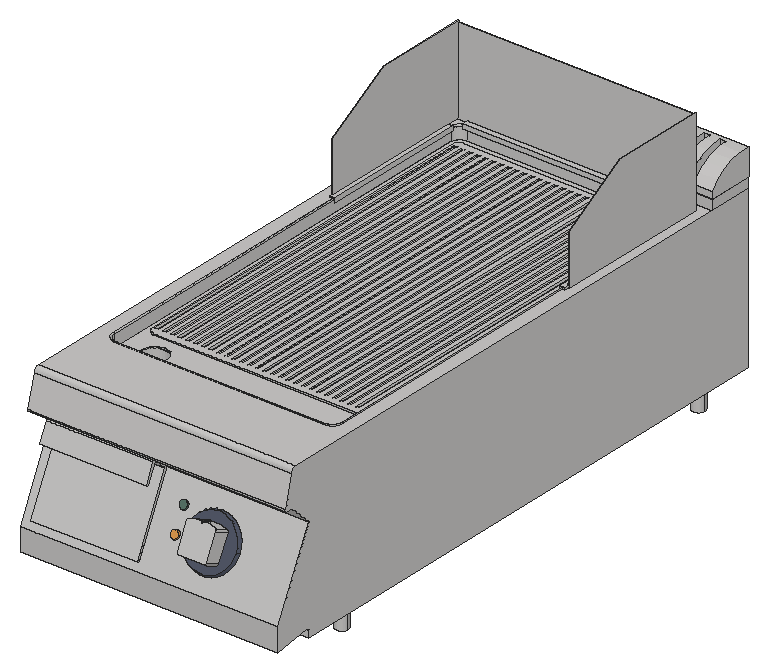
Revit family "QF_ZANUSSI_392357_Z9IINDAOMCA", category Specialty Equipment, Revit 2018
Family settings
  Round Connector Dimension = Use Diameter
  Part Type = Normal
  Work Plane-Based = No
  Always vertical = Yes
  Cut with Voids When Loaded = No
  Shared = No
  Room Calculation Point = No
Parameters
  Width = 400 mm  # constant formula
  Weight in Pounds = 55  # constant formula
  Weight = 0.00 kg
  Watts = 0 W
  Volts = 400 V  # constant formula
  URL Manufacturer = "http://www.zanussiprofessional.com"
  URL Cutsheet = "www.electrolux.com"
  URL = "http://www.zanussiprofessional.com"
  Type Mark [instance] = ""
  Steam Supply Size = 0"
  Steam Supply Minimum Pressure = 0.00 psi
  Steam Supply Maximum Pressure = 0.00 psi
  Steam Pounds per Hour = 0
  Status [instance] = ""
  Specification by User [instance] = ""
  Specification by Manufacturer = ""
  Show Logo [instance] = yes
  Show Clearance [instance] = yes
  Serial Number = ""
  Seismic Rating = ""
  SMACNA No = ""
  Revision Code [instance] = ""
  Refrigeration Suction Line Size = 0"
  Refrigeration Liquid Line Size = 0"
  Refrigerant Compressor Remote = yes
  Phase = 3
  Omniclass Number and Title = ""
  Number of Poles [instance] = 1
  NAFEM Spec ID Number = ""
  Model = "Z9FTEDSR00"
  Min Ckt Ampacity = 0 A
  Max Overcurrent Protection = 0 A
  Masterspec = ""
  Manufacturer = "Zanussi"
  Length Actual = 400 mm  # constant formula
  Item Number [instance] = "392068"
  Installed By [instance] = ""
  Identify Quantity as Lot [instance] = yes
  Hot Water Size = 0"
  Height Actual = 250 mm  # constant formula
  HP = "10.1 HP"
  Gas Size = 0"
  Gas KW = 0
  Gas Input Pressure = 0.0 Btu/h
  Furnished By [instance] = ""
  Foodservice Equipment Identifier [instance] = yes
  FL Amps = if(Phase = 3, Watts / (Volts * 1.73), Watts / Volts)  # 0 A
  Electrical Remarks [instance] = "400 V/3N ph/50/60 Hz"  # constant formula
  Electric Connection Type [instance] = ""
  Elec Conn RI Height [instance] = 0 mm
  Elec Conn Connection Height [instance] = 0 mm
  Direct Waste Size = 0"
  Description = "EL.FRYTOP RIBBED SLOPED PLATE 400 MM"
  Depth Actual = 900 mm  # constant formula
  Depth = 915 mm  # constant formula
  Cycle [instance] = if([60 Hertz Option], 60 Hz, 50 Hz)  # 60 Hz
  Conn Plug = ""
  Conn Conduit = yes
  Condensate Return Size = 0"
  Compressed Air Volume = 0 GPM
  Compressed Air Size = 0"
  Compressed Air Pressure = 0.00 psi
  Cold Water Size = 0"
  CSI MasterFormat = ""
  CSI Master Format = ""
  Apparent Power = if(Phase = 3, Volts * FL Amps * 1.73, Volts * FL Amps)  # 0 VA
  Accessory = yes
  60 Hertz Option [instance] = not([50 Hertz Option])  # yes
  50 Hertz Option [instance] = no
Reference planes
  plane 1 "BACK": y = 0
  plane 2: z = 0
  plane 3 "LEFT": x = 0
  plane 4 "RIGHT": x = 400
  plane 5 "FRONT": y = -915
  plane 6 "TOP": z = 274
  plane 7 "Center Y": x = 200
  plane 8 "Center X": y = -457.5
  plane 9: y = -1045
  plane 10: z = 24
  plane 11: z = 290
  plane 12: z = 410
  plane 13: x = 11
  plane 14: x = 389
Forms (mm)
  Extrusion 1, solid, material "QF_Finishes_Stainless Steel"
    sketch origin (0, 0, 0) x (0, 1, 0) y (0, 0, 1)
      loop
        line (0, 24) -> (0, 274) -> (-879.358, 274)
        arc (-879.358, 274) -> (-884.643, 271.811) -> (-886.833, 266.526) r 7.474
        line (-886.833, 266.526) -> (-899.884, 221.011)
        arc (-899.884, 221.011) -> (-899.396, 218.379) -> (-897, 217.184) r 3
        line (-897, 217.184) -> (-886.802, 217.184) -> (-854.982, 185.364) -> (-915, 64.508) -> (-915, 29.508) -> (-858.645, 37.428)
        arc (-858.645, 37.428) -> (-856.101, 36.674) -> (-855, 34.259) r 3.2
        line (-855, 34.259) -> (-855, 24) -> (0, 24)
    from 0 to 400
  Extrusion 2, solid, material "QF_Finishes_Stainless Steel"
    sketch origin (0, -1, 0) x (1, 0, 0) y (0, 1, 0)
      loop
        circle (11, -82) r 9.525
      loop
        circle (11, -775) r 9.525
      loop
        circle (389, -82) r 9.525
      loop
        circle (389, -775) r 9.525
    from 0 to 24
  Extrusion 3, solid, material "QF_Finishes_Stainless Steel"
    sketch origin (0, 0, 0.362) x (0, 1, 0) y (0, 0, 1)
      loop
        line (0, 289.638) -> (0, 331.354)
        arc (0, 331.354) -> (-38.768, 324.268) -> (-69.85, 300.038) r 82.671
        line (-69.85, 300.038) -> (-69.85, 289.638) -> (0, 289.638)
    from 0 to 400.05
  Extrusion 4, void
    sketch origin (0, 0, 275) x (0, -1, 0) y (1, 0, 0)
      loop
        line (6.761, 29.703) -> (63.911, 29.703) -> (63.911, 38.999) -> (6.761, 38.999) -> (6.761, 29.703)
      loop
        line (63.911, 64.487) -> (6.761, 64.487) -> (6.761, 55.191) -> (63.911, 55.191) -> (63.911, 64.487)
      loop
        line (63.911, 89.975) -> (6.761, 89.975) -> (6.761, 80.68) -> (63.911, 80.68) -> (63.911, 89.975)
      loop
        line (63.911, 115.464) -> (6.761, 115.464) -> (6.761, 106.168) -> (63.911, 106.168) -> (63.911, 115.464)
      loop
        line (63.911, 140.952) -> (6.761, 140.952) -> (6.761, 131.656) -> (63.911, 131.656) -> (63.911, 140.952)
      loop
        line (63.911, 166.44) -> (6.761, 166.44) -> (6.761, 157.145) -> (63.911, 157.145) -> (63.911, 166.44)
      loop
        line (63.911, 191.929) -> (6.761, 191.929) -> (6.761, 182.633) -> (63.911, 182.633) -> (63.911, 191.929)
      loop
        line (63.911, 217.417) -> (6.761, 217.417) -> (6.761, 208.121) -> (63.911, 208.121) -> (63.911, 217.417)
      loop
        line (63.911, 242.905) -> (6.761, 242.905) -> (6.761, 233.61) -> (63.911, 233.61) -> (63.911, 242.905)
      loop
        line (63.911, 268.394) -> (6.761, 268.394) -> (6.761, 259.098) -> (63.911, 259.098) -> (63.911, 268.394)
      loop
        line (63.911, 293.882) -> (6.761, 293.882) -> (6.761, 284.586) -> (63.911, 284.586) -> (63.911, 293.882)
      loop
        line (63.911, 319.37) -> (6.761, 319.37) -> (6.761, 310.075) -> (63.911, 310.075) -> (63.911, 319.37)
      loop
        line (63.911, 344.859) -> (6.761, 344.859) -> (6.761, 335.563) -> (63.911, 335.563) -> (63.911, 344.859)
      loop
        line (63.911, 370.347) -> (6.761, 370.347) -> (6.761, 361.051) -> (63.911, 361.051) -> (63.911, 370.347)
    from 25.4 to 63.5
  Extrusion 5, solid, material "QF_Finishes_Stainless Steel"
    sketch origin (0, 0, 274) x (0, -1, 0) y (1, 0, 0)
      loop
        line (69.85, 0) -> (69.85, 400) -> (0, 400) -> (0, 0) -> (69.85, 0)
    from 0 to 15
  Extrusion 6, solid, material "QF_Finishes_Stainless Steel"
    sketch origin (635, 190.152, 274) x (0, -1, 0) y (1, 0, 0)
      loop
        line (273.542, -252.03) -> (273.542, -617.97) -> (275.13, -617.97) -> (275.13, -252.03) -> (273.542, -252.03)
    from 0 to 135
  Extrusion 7, void
    sketch origin (0, 0, 274) x (0, -1, 0) y (1, 0, 0)
      loop
        arc (92.539, 37.03) -> (96.932, 26.423) -> (107.539, 22.03) r 15
        line (107.539, 22.03) -> (762.539, 22.03)
        arc (762.539, 22.03) -> (773.145, 26.423) -> (777.539, 37.03) r 15
        line (777.539, 37.03) -> (777.539, 362.97)
        arc (777.539, 362.97) -> (773.145, 373.577) -> (762.539, 377.97) r 15
        line (762.539, 377.97) -> (107.539, 377.97)
        arc (107.539, 377.97) -> (96.932, 373.577) -> (92.539, 362.97) r 15
        line (92.539, 362.97) -> (92.539, 37.03)
    from 0 to -21.588
  Sweep 8, solid, material "QF_Finishes_Stainless Steel"
    path origin (0, 0, 0) x (1, 0, 0) y (0, 1, 0)
      loop
        line (22.03, -107.539) -> (22.03, -762.539)
        arc (22.03, -762.539) -> (26.423, -773.145) -> (37.03, -777.539) r 15
        line (37.03, -777.539) -> (362.97, -777.539)
        arc (362.97, -777.539) -> (373.577, -773.145) -> (377.97, -762.539) r 15
        line (377.97, -762.539) -> (377.97, -107.539)
        arc (377.97, -107.539) -> (373.577, -96.932) -> (362.97, -92.539) r 15
        line (362.97, -92.539) -> (37.03, -92.539)
        arc (37.03, -92.539) -> (26.423, -96.932) -> (22.03, -107.539) r 15
    profile origin (22.03, -435.039, 0) x (1, 0, 0) y (0, 0, 1)
      loop
        line (0, 255) -> (1.588, 255) -> (1.588, 272.855)
        arc (1.588, 272.855) -> (1.147, 274.189) -> (0, 275) r 2.242
        line (0, 275) -> (0, 255)
  Extrusion 9, solid, material "QF_Finishes_Stainless Steel"
    sketch origin (0, 0, 0) x (1, 0, 0) y (0, 0, 1)
      loop
        line (17.03, 274.856) -> (23.926, 274.856) -> (23.926, 269.856) -> (25.514, 269.856) -> (25.514, 276.444) -> (17.03, 276.444) -> (17.03, 274.856)
      loop
        line (382.97, 274.856) -> (382.97, 276.444) -> (374.486, 276.444) -> (374.486, 269.856) -> (376.074, 269.856) -> (376.074, 274.856) -> (382.97, 274.856)
    from 105.541 to 335.39
  Extrusion 10, solid, material "QF_Finishes_Stainless Steel"
    sketch origin (0, 0, 0) x (0, 1, 0) y (0, 0, 1)
      loop
        line (-94.126, 269.856) -> (-94.126, 274.856) -> (-84.978, 274.856) -> (-84.978, 276.444) -> (-95.714, 276.444) -> (-95.714, 269.856) -> (-94.126, 269.856)
    from 32.03 to 367.97
  Extrusion 11, solid, material "QF_Finishes_Stainless Steel"
    sketch origin (0, 0, 24) x (-1, 0, 0) y (0, 1, 0)
      loop
        circle (-340, -570) r 6.35
    from 0 to 5
  Extrusion 12, solid, material "QF_Clearances", visible <- "Show Clearance", detail levels coarse
    sketch origin (0, 0, 0) x (1, 0, 0) y (0, 1, 0)
      loop
        line (0, 0) -> (400, 0) -> (400, -915) -> (500, -915) -> (500, 100) -> (-100, 100) -> (-100, -915) -> (0, -915) -> (0, 0)
    from 0 to 410
  Extrusion 13, solid, material "QF_Finishes_Stainless Steel"
    sketch origin (0, 0, 0) x (0, 1, 0) y (0, 0, 1)
      loop
        line (-777.539, 254) -> (-777.539, 252.413) -> (-92.539, 252.413) -> (-92.539, 254) -> (-777.539, 254)
    from 22 to 377.97
  Extrusion 14, void
    sketch origin (0, 0, 0) x (1, 0, 0) y (0, 1, 0)
      loop
        circle (71.879, -743.736) r 20
    from 235.859 to 256.719
  Extrusion 15, solid, material "QF_Finishes_Stainless Steel"
    sketch origin (0, 0, 0) x (0, 1, 0) y (0, 0, 1)
      loop
        line (-83.39, 410) -> (-227.89, 410) -> (-327.89, 352.265) -> (-327.89, 274) -> (-83.39, 274) -> (-83.39, 410)
    from 15.442 to 17.03
  Extrusion 16, solid, material "QF_Finishes_Stainless Steel"
    sketch origin (400, 0, 0) x (0, 1, 0) y (0, 0, -1)
      loop
        line (-83.39, -410) -> (-83.39, -274) -> (-327.89, -274) -> (-327.89, -352.265) -> (-227.89, -410) -> (-83.39, -410)
    from 15.442 to 17.03
  Extrusion 17, solid, material "QF_Finishes_Stainless Steel"
    sketch origin (0, -214.132, -0.464) x (0, 1, 0) y (0, 0, 1)
      loop
        line (-640.85, 185.828) -> (-659.988, 204.966)
        arc (-659.988, 204.966) -> (-664.455, 206.368) -> (-668.159, 203.504) r 5.058
        line (-668.159, 203.504) -> (-680.821, 175.994) -> (-677.937, 174.666) -> (-665.275, 202.176)
        arc (-665.275, 202.176) -> (-663.896, 203.243) -> (-662.233, 202.721) r 1.883
        line (-662.233, 202.721) -> (-644.727, 185.215) -> (-698.248, 77.444) -> (-695.339, 76.105) -> (-640.85, 185.828)
    from 15 to 180
  Extrusion 18, solid, material "QF_Finishes_Drawer Clearance", visible <- "Show Clearance", detail levels coarse
    sketch origin (0, -315.732, -0.464) x (0, 1, 0) y (0, 0, 1)
      loop
        line (-726.181, 76.105) -> (-593.739, 76.105) -> (-539.25, 185.828) -> (-558.388, 204.966)
        arc (-558.388, 204.966) -> (-560.449, 206.215) -> (-562.855, 206.368) r 5.058
        line (-562.855, 206.368) -> (-695.296, 206.368)
        arc (-695.296, 206.368) -> (-697.5, 205.39) -> (-699, 203.504) r 5.058
        line (-699, 203.504) -> (-711.662, 175.994) -> (-708.778, 174.666) -> (-696.116, 202.176)
        arc (-696.116, 202.176) -> (-694.737, 203.243) -> (-693.074, 202.721) r 1.883
        line (-693.074, 202.721) -> (-675.569, 185.215) -> (-729.089, 77.444) -> (-726.181, 76.105)
    from 15 to 180
  Blend 19, solid, material "QF_Finishes_Navy Blue"
    base sketch origin (275, -884.991, 124.936) x (1, 0, 0) y (0, 0.444781, 0.895639)
      loop
        circle (0, 0) r 42.5
    top sketch origin (275, -884.991, 124.936) x (1, 0, 0) y (0, 0.444781, 0.895639)
      loop
        circle (0, 0) r 40.5
    from 0 to 5
  Extrusion 20, solid, material "QF_Finishes_Stainless Steel"
    sketch origin (275, -884.991, 124.936) x (1, 0, 0) y (0, 0.444781, 0.895639)
      loop
        arc (-21.147, 22.789) -> (-22.494, 21.685) -> (-23, 20.019) r 2.997
        line (-23, 20.019) -> (-23, -20.019)
        arc (-23, -20.019) -> (-22.122, -22.138) -> (-20.003, -23.016) r 2.997
        line (-20.003, -23.016) -> (20.003, -23.016)
        arc (20.003, -23.016) -> (22.122, -22.138) -> (23, -20.019) r 2.997
        line (23, -20.019) -> (23, 20.019)
        arc (23, 20.019) -> (22.494, 21.685) -> (21.147, 22.789) r 2.997
        arc (21.147, 22.789) -> (0, 26.984) -> (-21.147, 22.789) r 55.4
    from 10 to 34
  Extrusion 21, solid, material "QF_Finishes_Stainless Steel"
    sketch origin (275, -884.991, 124.936) x (1, 0, 0) y (0, 0.444781, 0.895639)
      loop
        line (17.5, 17.5) -> (-17.5, 17.5) -> (-17.5, -17.5) -> (17.5, -17.5) -> (17.5, 17.5)
    from 5 to 10
  Extrusion 22, solid, material "QF_Plastic-Black-Matte"
    sketch origin (217.5, -884.991, 124.936) x (0, 0.444781, 0.895639) y (0, 0.895639, -0.444781)
      loop
        line (26.984, -34) -> (23.984, -34) -> (23.984, -35) -> (26.984, -35)
        arc (26.984, -35) -> (27.691, -34.707) -> (27.984, -34) r 1
        line (27.984, -34) -> (27.984, -19) -> (26.984, -19) -> (26.984, -34)
    from -58.5 to -56.5
  Extrusion 23, solid, material "QF_Finishes_DarkGreen"
    sketch origin (275, -871.138, 152.831) x (1, 0, 0) y (0, 0.444781, 0.895639)
      loop
        circle (-55.001, 0) r 6
    from 0 to 1.6
  Extrusion 24, solid, material "QF_Finishes_Orange"
    sketch origin (275, -888.072, 118.733) x (1, 0, 0) y (0, 0.444781, 0.895639)
      loop
        circle (-55.001, 0) r 6
    from 0 to 1.6
  Extrusion 25, void
    sketch origin (-24.256, -686.426, 37.09) x (0, 0, 1) y (-1, 0, 0)
      loop
        line (219.91, -83) -> (217.91, -83.4) -> (217.91, -88.6) -> (219.91, -89) -> (219.91, -83)
      loop
        line (219.91, -95) -> (217.91, -95.4) -> (217.91, -100.6) -> (219.91, -101) -> (219.91, -95)
      loop
        line (219.91, -107) -> (217.91, -107.4) -> (217.91, -112.6) -> (219.91, -113) -> (219.91, -107)
      loop
        line (219.91, -119) -> (217.91, -119.4) -> (217.91, -124.6) -> (219.91, -125) -> (219.91, -119)
      loop
        line (219.91, -131) -> (217.91, -131.4) -> (217.91, -136.6) -> (219.91, -137) -> (219.91, -131)
      loop
        line (219.91, -143) -> (217.91, -143.4) -> (217.91, -148.6) -> (219.91, -149) -> (219.91, -143)
      loop
        line (219.91, -155) -> (217.91, -155.4) -> (217.91, -160.6) -> (219.91, -161) -> (219.91, -155)
      loop
        line (219.91, -167) -> (217.91, -167.4) -> (217.91, -172.6) -> (219.91, -173) -> (219.91, -167)
      loop
        line (219.91, -179) -> (217.91, -179.4) -> (217.91, -184.6) -> (219.91, -185) -> (219.91, -179)
      loop
        line (219.91, -191) -> (217.91, -191.4) -> (217.91, -196.6) -> (219.91, -197) -> (219.91, -191)
      loop
        line (219.91, -203) -> (217.91, -203.4) -> (217.91, -208.6) -> (219.91, -209) -> (219.91, -203)
      loop
        line (219.91, -317) -> (219.91, -311) -> (217.91, -311.4) -> (217.91, -316.6) -> (219.91, -317)
      loop
        line (219.91, -305) -> (219.91, -299) -> (217.91, -299.4) -> (217.91, -304.6) -> (219.91, -305)
      loop
        line (219.91, -293) -> (219.91, -287) -> (217.91, -287.4) -> (217.91, -292.6) -> (219.91, -293)
      loop
        line (219.91, -281) -> (219.91, -275) -> (217.91, -275.4) -> (217.91, -280.6) -> (219.91, -281)
      loop
        line (219.91, -269) -> (219.91, -263) -> (217.91, -263.4) -> (217.91, -268.6) -> (219.91, -269)
      loop
        line (219.91, -257) -> (219.91, -251) -> (217.91, -251.4) -> (217.91, -256.6) -> (219.91, -257)
      loop
        line (219.91, -245) -> (219.91, -239) -> (217.91, -239.4) -> (217.91, -244.6) -> (219.91, -245)
      loop
        line (219.91, -233) -> (219.91, -227) -> (217.91, -227.4) -> (217.91, -232.6) -> (219.91, -233)
      loop
        line (219.91, -221) -> (219.91, -215) -> (217.91, -215.4) -> (217.91, -220.6) -> (219.91, -221)
      loop
        line (219.91, -377) -> (219.91, -371) -> (217.91, -371.4) -> (217.91, -376.6) -> (219.91, -377)
      loop
        line (219.91, -341) -> (219.91, -335) -> (217.91, -335.4) -> (217.91, -340.6) -> (219.91, -341)
      loop
        line (219.91, -329) -> (219.91, -323) -> (217.91, -323.4) -> (217.91, -328.6) -> (219.91, -329)
      loop
        line (219.91, -389) -> (219.91, -383) -> (217.91, -383.4) -> (217.91, -388.6) -> (219.91, -389)
      loop
        line (219.91, -59) -> (217.91, -59.4) -> (217.91, -64.6) -> (219.91, -65) -> (219.91, -59)
      loop
        line (219.91, -71) -> (217.91, -71.4) -> (217.91, -76.6) -> (219.91, -77) -> (219.91, -71)
      loop
        line (219.91, -353) -> (219.91, -347) -> (217.91, -347.4) -> (217.91, -352.6) -> (219.91, -353)
      loop
        line (219.91, -365) -> (219.91, -359) -> (217.91, -359.4) -> (217.91, -364.6) -> (219.91, -365)
    from 10 to -570
  Extrusion 26, solid, material "QF_Finishes_Stainless Steel"
    sketch origin (23.617, -107.539, 255) x (-1, 0, 0) y (0, 1, 0)
      loop
        arc (-18.413, -600) -> (-11.341, -597.071) -> (-8.413, -590) r 10
        line (-8.413, -590) -> (-8.413, -7.867)
        arc (-8.413, -7.867) -> (-11.341, -0.796) -> (-18.412, 2.133) r 10
        line (-18.412, 2.133) -> (-334.353, 2.133)
        arc (-334.353, 2.133) -> (-341.425, -0.796) -> (-344.353, -7.867) r 10
        line (-344.353, -7.867) -> (-344.353, -590)
        arc (-344.353, -590) -> (-341.425, -597.071) -> (-334.353, -600) r 10
        line (-334.353, -600) -> (-18.413, -600)
    from 0 to -2
Cuts and joins
  Extrusion 4 cuts Extrusion 3
  Extrusion 7, Extrusion 14 cuts Extrusion 1
  Extrusion 14 cuts Extrusion 13
  Extrusion 25 cuts Extrusion 26
Lines and regions (mm)
  Split face 1
    outline origin (275, -889.469, 127.16) x (1, 0, 0) y (0, 0.444781, 0.895639)
      loop
        circle (-34, 0) r 1.5
  Split face 2
    outline origin (275, -889.469, 127.16) x (1, 0, 0) y (0, 0.444781, 0.895639)
      loop
        circle (-30.633, -14.752) r 1.5
  Split face 3
    outline origin (275, -889.469, 127.16) x (1, 0, 0) y (0, 0.444781, 0.895639)
      loop
        circle (-21.199, -26.582) r 1.5
  Split face 4
    outline origin (275, -889.469, 127.16) x (1, 0, 0) y (0, 0.444781, 0.895639)
      loop
        circle (-7.566, -33.148) r 1.5
  Split face 5
    outline origin (275, -889.469, 127.16) x (1, 0, 0) y (0, 0.444781, 0.895639)
      loop
        circle (7.566, -33.148) r 1.5
  Split face 6
    outline origin (275, -889.469, 127.16) x (1, 0, 0) y (0, 0.444781, 0.895639)
      loop
        circle (21.199, -26.582) r 1.5
  Split face 7
    outline origin (275, -889.469, 127.16) x (1, 0, 0) y (0, 0.444781, 0.895639)
      loop
        circle (30.633, -14.752) r 1.5
  Split face 8
    outline origin (275, -889.469, 127.16) x (1, 0, 0) y (0, 0.444781, 0.895639)
      loop
        circle (34, 0) r 1.5
  Split face 9
    outline origin (296.665, -886.175, 133.794) x (1, 0, 0) y (0, 0.444781, 0.895639)
      loop
        circle (-21.665, 26.582) r 1.5
  symbolic lines, style "QF_Clearances", visible <- "Show Clearance", detail levels coarse
    curve 1: line (500, -915, 0) -> (500, 100, 0)
    curve 2: line (500, 100, 0) -> (-100, 100, 0)
    curve 3: line (-100, 100, 0) -> (-100, -915, 0)
  symbolic lines, style "QF_Door-Drawer Clearances"
    curve 4: line (15, -915, 0) -> (15, -1045, 0)
    curve 5: line (15, -1045, 0) -> (180, -1045, 0)
    curve 6: line (180, -915, 0) -> (180, -1045, 0)
  symbolic lines
    curve 7: line (400, -915, 0) -> (400, 0, 0)
    curve 8: line (400, 0, 0) -> (0, 0, 0)
    curve 9: line (0, 0, 0) -> (0, -915, 0)
    curve 10: line (362.97, -777.539, 0) -> (37.03, -777.539, 0)
    curve 11: arc (37.03, -777.539, 0) -> (26.423, -773.145, 0) -> (22.03, -762.539, 0) r 15
    curve 12: line (22.03, -762.539, 0) -> (22.03, -327.89, 0)
    curve 13: arc (22.163, -105.541, 0) -> (25.387, -98.081, 0) -> (32.03, -93.397, 0) r 15
    curve 14: arc (367.97, -93.397, 0) -> (374.613, -98.081, 0) -> (377.837, -105.541, 0) r 15
    curve 15: line (377.97, -327.89, 0) -> (377.97, -762.539, 0)
    curve 16: arc (377.97, -762.539, 0) -> (373.577, -773.145, 0) -> (362.97, -777.539, 0) r 15
    curve 17: line (357.97, -707.539, 0) -> (42.03, -707.539, 0)
    curve 18: arc (42.03, -707.539, 0) -> (34.958, -704.61, 0) -> (32.03, -697.539, 0) r 10
    curve 19: line (32.03, -697.539, 0) -> (32.03, -115.406, 0)
    curve 20: arc (32.03, -115.406, 0) -> (34.958, -108.335, 0) -> (42.03, -105.406, 0) r 10
    curve 21: line (42.03, -105.406, 0) -> (357.97, -105.406, 0)
    curve 22: arc (357.97, -105.406, 0) -> (365.042, -108.335, 0) -> (367.97, -115.406, 0) r 10
    curve 23: line (367.97, -115.406, 0) -> (367.97, -697.539, 0)
    curve 24: arc (367.97, -697.539, 0) -> (365.042, -704.61, 0) -> (357.97, -707.539, 0) r 10
    curve 25: line (15.442, -83.39, 0) -> (15.442, -327.89, 0)
    curve 26: line (384.558, -83.39, 0) -> (15.442, -83.39, 0)
    curve 27: line (384.558, -327.89, 0) -> (384.558, -83.39, 0)
    curve 28: line (367.97, -95.714, 0) -> (367.97, -83.39, 0)
    curve 29: line (32.03, -95.714, 0) -> (367.97, -95.714, 0)
    curve 30: line (32.03, -83.39, 0) -> (32.03, -95.714, 0)
    curve 31: line (384.558, -105.541, 0) -> (374.486, -105.541, 0)
    curve 32: line (25.514, -327.89, 0) -> (25.514, -105.541, 0)
    curve 33: line (15.442, -327.89, 0) -> (25.514, -327.89, 0)
    curve 34: line (374.486, -105.541, 0) -> (374.486, -327.89, 0)
    curve 35: line (374.486, -327.89, 0) -> (384.558, -327.89, 0)
    curve 36: line (25.514, -105.541, 0) -> (15.442, -105.541, 0)
    curve 37: line (38.999, -6.761, 0) -> (38.999, -63.911, 0)
    curve 38: line (38.999, -63.911, 0) -> (29.703, -63.911, 0)
    curve 39: line (29.703, -63.911, 0) -> (29.703, -6.761, 0)
    curve 40: line (29.703, -6.761, 0) -> (38.999, -6.761, 0)
    curve 41: line (55.191, -63.911, 0) -> (55.191, -6.761, 0)
    curve 42: line (55.191, -6.761, 0) -> (64.487, -6.761, 0)
    curve 43: line (64.487, -6.761, 0) -> (64.487, -63.911, 0)
    curve 44: line (64.487, -63.911, 0) -> (55.191, -63.911, 0)
    curve 45: line (89.975, -6.761, 0) -> (89.975, -63.911, 0)
    curve 46: line (89.975, -63.911, 0) -> (80.68, -63.911, 0)
    curve 47: line (80.68, -63.911, 0) -> (80.68, -6.761, 0)
    curve 48: line (80.68, -6.761, 0) -> (89.975, -6.761, 0)
    curve 49: line (115.464, -6.761, 0) -> (115.464, -63.911, 0)
    curve 50: line (115.464, -63.911, 0) -> (106.168, -63.911, 0)
    curve 51: line (106.168, -63.911, 0) -> (106.168, -6.761, 0)
    curve 52: line (106.168, -6.761, 0) -> (115.464, -6.761, 0)
    curve 53: line (140.952, -6.761, 0) -> (140.952, -63.911, 0)
    curve 54: line (140.952, -63.911, 0) -> (131.656, -63.911, 0)
    curve 55: line (131.656, -63.911, 0) -> (131.656, -6.761, 0)
    curve 56: line (131.656, -6.761, 0) -> (140.952, -6.761, 0)
    curve 57: line (166.44, -6.761, 0) -> (166.44, -63.911, 0)
    curve 58: line (166.44, -63.911, 0) -> (157.145, -63.911, 0)
    curve 59: line (157.145, -63.911, 0) -> (157.145, -6.761, 0)
    curve 60: line (157.145, -6.761, 0) -> (166.44, -6.761, 0)
    curve 61: line (191.929, -6.761, 0) -> (191.929, -63.911, 0)
    curve 62: line (191.929, -63.911, 0) -> (182.633, -63.911, 0)
    curve 63: line (182.633, -63.911, 0) -> (182.633, -6.761, 0)
    curve 64: line (182.633, -6.761, 0) -> (191.929, -6.761, 0)
    curve 65: line (208.121, -63.911, 0) -> (208.121, -6.761, 0)
    curve 66: line (208.121, -6.761, 0) -> (217.417, -6.761, 0)
    curve 67: line (217.417, -6.761, 0) -> (217.417, -63.911, 0)
    curve 68: line (217.417, -63.911, 0) -> (208.121, -63.911, 0)
    curve 69: line (367.97, -83.39, 0) -> (367.97, -95.714, 0)
    curve 70: line (361.001, -6.761, 0) -> (361.001, -63.911, 0)
    curve 71: line (361.001, -63.911, 0) -> (370.297, -63.911, 0)
    curve 72: line (370.297, -63.911, 0) -> (370.297, -6.761, 0)
    curve 73: line (370.297, -6.761, 0) -> (361.001, -6.761, 0)
    curve 74: line (344.809, -63.911, 0) -> (344.809, -6.761, 0)
    curve 75: line (344.809, -6.761, 0) -> (335.513, -6.761, 0)
    curve 76: line (335.513, -6.761, 0) -> (335.513, -63.911, 0)
    curve 77: line (335.513, -63.911, 0) -> (344.809, -63.911, 0)
    curve 78: line (310.025, -6.761, 0) -> (310.025, -63.911, 0)
    curve 79: line (310.025, -63.911, 0) -> (319.32, -63.911, 0)
    curve 80: line (319.32, -63.911, 0) -> (319.32, -6.761, 0)
    curve 81: line (319.32, -6.761, 0) -> (310.025, -6.761, 0)
    curve 82: line (284.536, -6.761, 0) -> (284.536, -63.911, 0)
    curve 83: line (284.536, -63.911, 0) -> (293.832, -63.911, 0)
    curve 84: line (293.832, -63.911, 0) -> (293.832, -6.761, 0)
    curve 85: line (293.832, -6.761, 0) -> (284.536, -6.761, 0)
    curve 86: line (259.048, -6.761, 0) -> (259.048, -63.911, 0)
    curve 87: line (259.048, -63.911, 0) -> (268.344, -63.911, 0)
    curve 88: line (268.344, -63.911, 0) -> (268.344, -6.761, 0)
    curve 89: line (268.344, -6.761, 0) -> (259.048, -6.761, 0)
    curve 90: line (233.56, -6.761, 0) -> (233.56, -63.911, 0)
    curve 91: line (233.56, -63.911, 0) -> (242.855, -63.911, 0)
    curve 92: line (242.855, -63.911, 0) -> (242.855, -6.761, 0)
    curve 93: line (242.855, -6.761, 0) -> (233.56, -6.761, 0)
    curve 94: arc (51.879, -743.736, 0) -> (71.879, -723.736, 0) -> (91.879, -743.736, 0) r 20
    curve 95: arc (51.879, -743.736, 0) -> (71.879, -763.736, 0) -> (91.879, -743.736, 0) r 20
    curve 96: line (0, -69.85, 0) -> (400, -69.85, 0)
    curve 97: line (252, -900, 0) -> (252, -924.347, 0)
    curve 98: arc (252, -924.347, 0) -> (252.146, -924.811, 0) -> (252.532, -925.107, 0) r 0.809
    curve 99: arc (252.532, -925.107, 0) -> (253.72, -925.587, 0) -> (254.997, -925.68, 0) r 4.127
    curve 100: arc (252, -904.292, 0) -> (246.959, -902.458, 0) -> (242.191, -900, 0) r 42.24
    curve 101: arc (252, -906.539, 0) -> (252.502, -905.818, 0) -> (253.299, -905.448, 0) r 1.682
    curve 102: arc (253.299, -905.448, 0) -> (263.602, -903.95, 0) -> (274, -903.441, 0) r 109.079
    curve 103: line (274, -900, 0) -> (274, -905.671, 0)
    curve 104: line (274, -905.671, 0) -> (276, -905.671, 0)
    curve 105: line (276, -905.671, 0) -> (276, -900, 0)
    curve 106: line (298, -900, 0) -> (298, -924.347, 0)
    curve 107: arc (298, -924.347, 0) -> (297.854, -924.811, 0) -> (297.468, -925.107, 0) r 0.809
    curve 108: arc (297.468, -925.107, 0) -> (296.28, -925.587, 0) -> (295.003, -925.68, 0) r 4.127
    curve 109: arc (298, -904.292, 0) -> (303.041, -902.458, 0) -> (307.809, -900, 0) r 42.24
    curve 110: arc (298, -906.539, 0) -> (297.498, -905.818, 0) -> (296.701, -905.448, 0) r 1.682
    curve 111: arc (296.701, -905.448, 0) -> (286.398, -903.95, 0) -> (276, -903.441, 0) r 109.079
    curve 112: line (254.997, -925.68, 0) -> (295.003, -925.68, 0)
    curve 113: line (298, -915, 276.225) -> (400.05, -915, 276.225)
    curve 114: line (0, -900, 276.225) -> (400.05, -900, 276.225)
    curve 115: line (0, -915, 276.225) -> (252, -915, 276.225)
    curve 116: line (15, -915, 276.225) -> (15, -900, 276.225)
    curve 117: line (180, -915, 276.225) -> (180, -900, 276.225)
    curve 118: line (34.744, -116.426, 0) -> (34.744, -696.426, 0)
    curve 119: line (40.744, -696.426, 0) -> (40.744, -116.426, 0)
    curve 120: line (46.744, -116.426, 0) -> (46.744, -696.426, 0)
    curve 121: line (52.744, -696.426, 0) -> (52.744, -116.426, 0)
    curve 122: line (58.744, -116.426, 0) -> (58.744, -696.426, 0)
    curve 123: line (64.744, -696.426, 0) -> (64.744, -116.426, 0)
    curve 124: line (70.744, -116.426, 0) -> (70.744, -696.426, 0)
    curve 125: line (76.744, -696.426, 0) -> (76.744, -116.426, 0)
    curve 126: line (82.744, -116.426, 0) -> (82.744, -696.426, 0)
    curve 127: line (88.744, -696.426, 0) -> (88.744, -116.426, 0)
    curve 128: line (94.744, -116.426, 0) -> (94.744, -696.426, 0)
    curve 129: line (100.744, -696.426, 0) -> (100.744, -116.426, 0)
    curve 130: line (106.744, -116.426, 0) -> (106.744, -696.426, 0)
    curve 131: line (112.744, -696.426, 0) -> (112.744, -116.426, 0)
    curve 132: line (118.744, -116.426, 0) -> (118.744, -696.426, 0)
    curve 133: line (124.744, -696.426, 0) -> (124.744, -116.426, 0)
    curve 134: line (130.744, -116.426, 0) -> (130.744, -696.426, 0)
    curve 135: line (136.744, -696.426, 0) -> (136.744, -116.426, 0)
    curve 136: line (142.744, -116.426, 0) -> (142.744, -696.426, 0)
    curve 137: line (148.744, -696.426, 0) -> (148.744, -116.426, 0)
    curve 138: line (154.744, -116.426, 0) -> (154.744, -696.426, 0)
    curve 139: line (160.744, -696.426, 0) -> (160.744, -116.426, 0)
    curve 140: line (166.744, -116.426, 0) -> (166.744, -696.426, 0)
    curve 141: line (172.744, -696.426, 0) -> (172.744, -116.426, 0)
    curve 142: line (178.744, -116.426, 0) -> (178.744, -696.426, 0)
    curve 143: line (184.744, -696.426, 0) -> (184.744, -116.426, 0)
    curve 144: line (190.744, -116.426, 0) -> (190.744, -696.426, 0)
    curve 145: line (196.744, -696.426, 0) -> (196.744, -116.426, 0)
    curve 146: line (202.744, -116.426, 0) -> (202.744, -696.426, 0)
    curve 147: line (208.744, -696.426, 0) -> (208.744, -116.426, 0)
    curve 148: line (214.744, -116.426, 0) -> (214.744, -696.426, 0)
    curve 149: line (220.744, -696.426, 0) -> (220.744, -116.426, 0)
    curve 150: line (226.744, -116.426, 0) -> (226.744, -696.426, 0)
    curve 151: line (232.744, -696.426, 0) -> (232.744, -116.426, 0)
    curve 152: line (238.744, -116.426, 0) -> (238.744, -696.426, 0)
    curve 153: line (244.744, -696.426, 0) -> (244.744, -116.426, 0)
    curve 154: line (250.744, -116.426, 0) -> (250.744, -696.426, 0)
    curve 155: line (256.744, -696.426, 0) -> (256.744, -116.426, 0)
    curve 156: line (262.744, -116.426, 0) -> (262.744, -696.426, 0)
    curve 157: line (268.744, -696.426, 0) -> (268.744, -116.426, 0)
    curve 158: line (274.744, -116.426, 0) -> (274.744, -696.426, 0)
    curve 159: line (280.744, -696.426, 0) -> (280.744, -116.426, 0)
    curve 160: line (286.744, -116.426, 0) -> (286.744, -696.426, 0)
    curve 161: line (292.744, -696.426, 0) -> (292.744, -116.426, 0)
    curve 162: line (298.744, -116.426, 0) -> (298.744, -696.426, 0)
    curve 163: line (304.744, -696.426, 0) -> (304.744, -116.426, 0)
    curve 164: line (310.744, -116.426, 0) -> (310.744, -696.426, 0)
    curve 165: line (316.744, -696.426, 0) -> (316.744, -116.426, 0)
    curve 166: line (322.744, -116.426, 0) -> (322.744, -696.426, 0)
    curve 167: line (328.744, -696.426, 0) -> (328.744, -116.426, 0)
    curve 168: line (334.744, -116.426, 0) -> (334.744, -696.426, 0)
    curve 169: line (340.744, -696.426, 0) -> (340.744, -116.426, 0)
    curve 170: line (346.744, -116.426, 0) -> (346.744, -696.426, 0)
    curve 171: line (352.744, -696.426, 0) -> (352.744, -116.426, 0)
    curve 172: line (358.744, -116.426, 0) -> (358.744, -696.426, 0)
    curve 173: line (364.744, -696.426, 0) -> (364.744, -116.426, 0)
Dimensions and locks
  equal spacing: plane 3 "LEFT", plane 7 "Center Y", plane 4 "RIGHT"
  "Width": plane 3 "LEFT" to plane 4 "RIGHT"
  equal spacing: plane 5 "FRONT", plane 8 "Center X", plane 1 "BACK"
  "Depth": plane 5 "FRONT" to plane 1 "BACK"
  plane 6 "TOP" to level = 274 mm
  plane 1 "BACK" to plane 9 = 1045 mm  (x2)
  plane 10 to level = 24 mm  (x2)
  plane 11 to plane 10 = 266 mm
  plane 6 "TOP" to plane 10 = 250 mm  (x2)
  plane 12 to level = 410 mm  (x2)
  plane 12 to plane 10 = 386 mm
  plane 13 to plane 3 "LEFT" = 11 mm
  locked: plane 14 to plane 4 "RIGHT" at 11
  plane 1 "BACK" to plane 5 "FRONT" = 915 mm
  Extrusion 11 to plane 10 = 5 mm
  plane 1 "BACK" to Extrusion 11 = 570 mm
  plane 1 "BACK" to Extrusion 2 to Extrusion 2 to plane 5 "FRONT" = 83 mm, 693 mm, 139 mm
  plane 13 to plane 14 = 378 mm
  plane 1 "BACK" to curve 2 = 100 mm
  plane 4 "RIGHT" to curve 1 = 100 mm
  curve 3 to plane 3 "LEFT" = 100 mm
  Extrusion 11 sketch curve to plane 4 "RIGHT" = 60 mm
  aligned and locked: level to plane 2
  aligned and locked: Extrusion 1 to plane 4 "RIGHT"
Automatic sketch dimensions
  Extrusion 1 sketch curve to plane 5 "FRONT" = 0 mm
  Extrusion 1 sketch curve to plane 6 "TOP" = 0 mm
  Extrusion 1 sketch curve to plane 10 = 0 mm
  Extrusion 1 sketch curve to plane 1 "BACK" = 0 mm
  Extrusion 1 sketch curve to plane 5 "FRONT" = 15.116 mm
  Extrusion 1 sketch curve to Extrusion 1 sketch curve = 2.884 mm
  Extrusion 1 sketch curve to plane 6 "TOP" = 7.474 mm
  Extrusion 1 sketch curve to plane 5 "FRONT" = 28.167 mm
  Extrusion 1 sketch curve to Extrusion 1 sketch curve = 10.198 mm
  plane 10 to Extrusion 1 sketch curve = 13.428 mm
  Extrusion 1 sketch curve to plane 5 "FRONT" = 56.355 mm
  Extrusion 1 sketch curve to Extrusion 1 sketch curve = 0.445 mm
  Extrusion 1 sketch curve to Extrusion 1 sketch curve = 3.2 mm
  Extrusion 1 sketch curve to Extrusion 1 sketch curve = 31.82 mm  (x2)
  plane 10 to Extrusion 1 sketch curve = 5.508 mm
  Extrusion 1 sketch curve to Extrusion 1 sketch curve = 35 mm
  Extrusion 1 sketch curve to Extrusion 1 sketch curve = 81.162 mm
  Extrusion 1 sketch curve to Extrusion 1 sketch curve = 3 mm
  Extrusion 2 sketch curve to plane 13 = 0 mm  (x2)
  Extrusion 2 sketch curve to plane 14 = 0 mm  (x2)
  Extrusion 2 sketch curve to plane 5 "FRONT" = 139 mm  (x2)
  plane 1 "BACK" to Extrusion 2 sketch curve = 83 mm  (x2)
  Extrusion 3 sketch curve to plane 11 = 0 mm
  Extrusion 3 sketch curve to plane 1 "BACK" = 0 mm
  plane 1 "BACK" to Extrusion 3 sketch curve = 4.947 mm
  plane 11 to Extrusion 3 sketch curve = 10.4 mm
  plane 1 "BACK" to Extrusion 3 sketch curve = 69.85 mm
  Extrusion 3 sketch curve to plane 6 "TOP" = 24.807 mm
  plane 1 "BACK" to Extrusion 4 sketch curve = 6.761 mm  (x14)
  plane 7 "Center Y" to Extrusion 4 sketch curve = 17.417 mm
  Extrusion 4 sketch curve to Extrusion 4 sketch curve = 57.15 mm
  Extrusion 4 sketch curve to plane 7 "Center Y" = 8.071 mm
  Extrusion 4 sketch curve to Extrusion 4 sketch curve = 0 mm  (x13)
  Extrusion 4 sketch curve to Extrusion 4 sketch curve = 9.296 mm  (x13)
  Extrusion 4 sketch curve to Extrusion 4 sketch curve = 16.193 mm  (x12)
  plane 7 "Center Y" to Extrusion 4 sketch curve = 8.121 mm
  plane 13 to Extrusion 6 sketch curve = 6.03 mm
  plane 1 "BACK" to Extrusion 6 sketch curve = 83.39 mm
  Extrusion 6 sketch curve to Extrusion 6 sketch curve = 1.588 mm
  plane 14 to Extrusion 6 sketch curve = 6.03 mm
  plane 13 to Extrusion 7 sketch curve = 26.03 mm
  plane 1 "BACK" to Extrusion 7 sketch curve = 92.539 mm
  plane 14 to Extrusion 7 sketch curve = 11.03 mm
  Extrusion 7 sketch curve to Extrusion 7 sketch curve = 15 mm  (x3)
  Extrusion 7 sketch curve to plane 5 "FRONT" = 152.461 mm  (x2)
  plane 13 to Sweep 8 sketch curve = 11.03 mm
  Sweep 8 sketch curve to Sweep 8 sketch curve = 15 mm  (x2)
  plane 14 to Sweep 8 sketch curve = 26.03 mm  (x2)
  plane 14 to Sweep 8 sketch curve = 11.03 mm
  Sweep 8 sketch curve to plane 5 "FRONT" = 137.461 mm
  plane 1 "BACK" to Sweep 8 sketch curve = 107.539 mm
  profile plane to Sweep 8 sketch curve = 0 mm
  profile plane to Sweep 8 sketch curve = 0.655 mm
  Sweep 8 sketch curve to profile plane = 1.588 mm
  level to Sweep 8 sketch curve = 255 mm
  Sweep 8 sketch curve to Sweep 8 sketch curve = 17.855 mm
  plane 6 "TOP" to Extrusion 9 sketch curve = 0.856 mm  (x2)
  plane 13 to Extrusion 9 sketch curve = 6.03 mm
  Extrusion 9 sketch curve to plane 6 "TOP" = 4.144 mm  (x2)
  Extrusion 9 sketch curve to Extrusion 9 sketch curve = 6.896 mm
  Extrusion 9 sketch curve to Extrusion 9 sketch curve = 1.588 mm  (x3)
  plane 14 to Extrusion 9 sketch curve = 14.514 mm
  plane 6 "TOP" to Extrusion 9 sketch curve = 2.444 mm
  plane 14 to Extrusion 9 sketch curve = 6.03 mm
  plane 6 "TOP" to Extrusion 10 sketch curve = 2.444 mm
  plane 1 "BACK" to Extrusion 10 sketch curve = 95.714 mm
  Extrusion 10 sketch curve to Extrusion 10 sketch curve = 1.588 mm
  Extrusion 10 sketch curve to Extrusion 10 sketch curve = 9.149 mm
  plane 6 "TOP" to Extrusion 10 sketch curve = 0.856 mm
  Extrusion 10 sketch curve to plane 6 "TOP" = 4.144 mm
  Extrusion 13 sketch curve to plane 6 "TOP" = 21.587 mm
  Extrusion 13 sketch curve to plane 5 "FRONT" = 137.461 mm
  plane 1 "BACK" to Extrusion 13 sketch curve = 92.539 mm
  Extrusion 13 sketch curve to Extrusion 13 sketch curve = 1.587 mm
  plane 13 to Extrusion 14 sketch curve = 60.879 mm
  Extrusion 14 sketch curve to plane 5 "FRONT" = 171.264 mm
  Extrusion 15 sketch curve to plane 6 "TOP" = 0 mm
  Extrusion 15 sketch curve to plane 12 = 0 mm
  Extrusion 15 sketch curve to plane 12 = 57.735 mm
  plane 8 "Center X" to Extrusion 15 sketch curve = 129.61 mm
  Extrusion 15 sketch curve to Extrusion 15 sketch curve = 100 mm
  plane 1 "BACK" to Extrusion 15 sketch curve = 83.39 mm
  Extrusion 16 sketch curve to plane 6 "TOP" = 0 mm
  Extrusion 16 sketch curve to plane 12 = 0 mm
  Extrusion 16 sketch curve to plane 12 = 57.735 mm
  plane 8 "Center X" to Extrusion 16 sketch curve = 129.61 mm
  Extrusion 16 sketch curve to Extrusion 16 sketch curve = 100 mm
  plane 1 "BACK" to Extrusion 16 sketch curve = 83.39 mm
  Extrusion 17 sketch curve to Extrusion 17 sketch curve = 0 mm  (x2)
  Extrusion 17 sketch curve to plane 5 "FRONT" = 2.621 mm
  Extrusion 17 sketch curve to Extrusion 17 sketch curve = 2.908 mm
  Extrusion 17 sketch curve to plane 5 "FRONT" = 20.047 mm
  Extrusion 17 sketch curve to Extrusion 17 sketch curve = 2.884 mm  (x2)
  Extrusion 17 sketch curve to Extrusion 17 sketch curve = 12.662 mm
  Extrusion 17 sketch curve to Extrusion 17 sketch curve = 1.711 mm
  Extrusion 17 sketch curve to Extrusion 17 sketch curve = 1.332 mm
  Extrusion 17 sketch curve to Extrusion 17 sketch curve = 2.245 mm
  Extrusion 17 sketch curve to Extrusion 17 sketch curve = 17.505 mm
  Extrusion 17 sketch curve to Extrusion 17 sketch curve = 3.877 mm
  plane 10 to Extrusion 17 sketch curve = 51.641 mm
  Extrusion 17 sketch curve to Extrusion 17 sketch curve = 1.339 mm
  Extrusion 17 sketch curve to Extrusion 17 sketch curve = 97.223 mm
  Extrusion 17 sketch curve to Extrusion 17 sketch curve = 1.327 mm
  Extrusion 17 sketch curve to Extrusion 17 sketch curve = 16.961 mm
  Extrusion 17 sketch curve to Extrusion 17 sketch curve = 0.613 mm
  Extrusion 17 sketch curve to Extrusion 17 sketch curve = 0.787 mm
  Extrusion 18 sketch curve to Extrusion 18 sketch curve = 0 mm  (x2)
  plane 9 to Extrusion 18 sketch curve = 0.179 mm
  plane 9 to Extrusion 18 sketch curve = 3.087 mm
  plane 9 to Extrusion 18 sketch curve = 17.606 mm
  Extrusion 18 sketch curve to Extrusion 18 sketch curve = 2.884 mm  (x2)
  plane 9 to Extrusion 18 sketch curve = 30.268 mm
  Extrusion 18 sketch curve to Extrusion 18 sketch curve = 0.82 mm
  Extrusion 18 sketch curve to Extrusion 18 sketch curve = 1.711 mm
  Extrusion 18 sketch curve to Extrusion 18 sketch curve = 1.332 mm
  Extrusion 18 sketch curve to Extrusion 18 sketch curve = 17.505 mm
  Extrusion 18 sketch curve to plane 5 "FRONT" = 5.529 mm
  Extrusion 18 sketch curve to plane 5 "FRONT" = 36.413 mm
  Extrusion 18 sketch curve to Extrusion 18 sketch curve = 0.891 mm
  Extrusion 18 sketch curve to Extrusion 18 sketch curve = 4.467 mm
  Extrusion 18 sketch curve to Extrusion 18 sketch curve = 19.137 mm
  plane 10 to Extrusion 18 sketch curve = 51.641 mm
  Extrusion 18 sketch curve to Extrusion 18 sketch curve = 1.339 mm
  Extrusion 18 sketch curve to Extrusion 18 sketch curve = 97.223 mm
  Extrusion 18 sketch curve to Extrusion 18 sketch curve = 1.327 mm
  Extrusion 18 sketch curve to Extrusion 18 sketch curve = 16.961 mm
  Extrusion 18 sketch curve to plane 6 "TOP" = 88.636 mm
  Extrusion 18 sketch curve to Extrusion 18 sketch curve = 0.787 mm
  Extrusion 18 sketch curve to Extrusion 18 sketch curve = 4.979 mm
  plane 7 "Center Y" to Blend 19 sketch curve = 75 mm  (x2)
  plane 7 "Center Y" to Extrusion 20 sketch curve = 52 mm
  Extrusion 20 sketch curve to Extrusion 20 sketch curve = 2.997 mm  (x3)
  Extrusion 20 sketch curve to Extrusion 20 sketch curve = 20.003 mm  (x2)
  Extrusion 20 sketch curve to Extrusion 20 sketch curve = 40.005 mm
  Extrusion 20 sketch curve to Extrusion 20 sketch curve = 5.399 mm
  Extrusion 20 sketch curve to Extrusion 20 sketch curve = 40.037 mm
  Extrusion 20 sketch curve to Extrusion 20 sketch curve = 0 mm  (x2)
  plane 7 "Center Y" to Extrusion 21 sketch curve = 57.5 mm
  Extrusion 21 sketch curve to Extrusion 21 sketch curve = 35 mm  (x2)
  Extrusion 22 sketch curve to plane 5 "FRONT" = 9.329 mm
  Extrusion 22 sketch curve to plane 6 "TOP" = 112.016 mm
  Extrusion 22 sketch curve to Extrusion 22 sketch curve = 3 mm
  Extrusion 22 sketch curve to Extrusion 22 sketch curve = 0 mm
  Extrusion 22 sketch curve to Extrusion 22 sketch curve = 1 mm  (x2)
  Extrusion 22 sketch curve to Extrusion 22 sketch curve = 15 mm
  plane 7 "Center Y" to Extrusion 23 sketch curve = 19.999 mm
  plane 7 "Center Y" to Extrusion 24 sketch curve = 19.999 mm
  Sweep 8 to Extrusion 26 sketch curve = 21.28 mm
  Extrusion 26 sketch curve to Sweep 8 = 10 mm
  Extrusion 26 sketch curve to Extrusion 26 sketch curve = 10 mm  (x3)
  Extrusion 26 sketch curve to Extrusion 26 sketch curve = 315.941 mm  (x2)
  Sweep 8 to Extrusion 26 sketch curve = 78.413 mm
  plane 1 "BACK" to curve 9 = 0 mm
  curve 9 to plane 3 "LEFT" = 0 mm
  curve 5 to plane 9 = 0 mm
  plane 13 to curve 5 = 4 mm
  plane 5 "FRONT" to curve 6 = 0 mm
  curve 8 to plane 4 "RIGHT" = 0 mm
  plane 5 "FRONT" to curve 3 = 0 mm
  plane 5 "FRONT" to curve 7 = 0 mm
  plane 5 "FRONT" to curve 1 = 0 mm
  plane 5 "FRONT" to curve 4 = 0 mm
  plane 5 "FRONT" to curve 9 = 0 mm
  plane 13 to curve 25 = 4.442 mm
  plane 13 to curve 12 = 11.03 mm
  curve 12 to curve 33 = 3.484 mm
  plane 1 "BACK" to curve 40 = 6.761 mm
  plane 13 to curve 40 = 18.703 mm
  plane 13 to curve 19 = 21.03 mm
  curve 32 to curve 30 = 6.516 mm
  curve 11 to curve 11 = 15 mm
  curve 20 to curve 13 = 5 mm
  curve 39 to curve 40 = 9.296 mm
  curve 18 to curve 18 = 10 mm
  curve 13 to curve 20 = 5 mm
  plane 1 "BACK" to curve 41 = 6.761 mm
  curve 37 to curve 41 = 16.193 mm
  curve 41 to curve 43 = 9.296 mm
  curve 11 to curve 95 = 34.849 mm
  curve 43 to curve 47 = 16.193 mm
  curve 46 to curve 46 = 9.296 mm
  plane 1 "BACK" to curve 51 = 6.761 mm
  curve 45 to curve 51 = 16.193 mm
  curve 51 to curve 52 = 9.296 mm
  curve 49 to curve 55 = 16.193 mm
  curve 54 to curve 54 = 9.296 mm
  plane 1 "BACK" to curve 59 = 6.761 mm
  curve 53 to curve 59 = 16.193 mm
  curve 58 to curve 58 = 9.296 mm
  curve 6 to plane 7 "Center Y" = 20 mm
  curve 57 to curve 62 = 16.193 mm
  curve 64 to plane 7 "Center Y" = 8.071 mm
  plane 7 "Center Y" to curve 66 = 8.121 mm
  curve 65 to curve 67 = 9.296 mm
  curve 67 to curve 90 = 16.143 mm
  curve 90 to curve 92 = 9.296 mm
  plane 5 "FRONT" to curve 97 = 9.347 mm
  plane 7 "Center Y" to curve 97 = 52 mm
  curve 97 to curve 98 = 0.809 mm
  curve 101 to curve 101 = 1.583 mm
  curve 98 to curve 99 = 1.846 mm
  curve 98 to curve 112 = 2.189 mm
  curve 91 to curve 86 = 16.193 mm
  curve 97 to curve 100 = 11.892 mm
  curve 86 to curve 88 = 9.296 mm
  curve 103 to plane 5 "FRONT" = 9.329 mm
  curve 101 to curve 103 = 20.417 mm
  plane 7 "Center Y" to curve 102 = 74.131 mm
  curve 102 to curve 111 = 1.738 mm
  curve 103 to curve 105 = 2 mm
  curve 87 to curve 82 = 16.193 mm
  curve 100 to curve 109 = 22.215 mm
  curve 82 to curve 84 = 9.296 mm
  curve 104 to curve 112 = 19.003 mm
  curve 108 to curve 108 = 0.343 mm
  curve 108 to curve 110 = 1.071 mm
  curve 108 to curve 107 = 2.189 mm
  curve 107 to curve 106 = 0.809 mm
  curve 83 to curve 78 = 16.193 mm
  curve 78 to curve 80 = 9.296 mm
  curve 79 to curve 77 = 16.193 mm
  curve 76 to curve 77 = 9.296 mm
  plane 14 to curve 21 = 31.03 mm
  plane 14 to curve 17 = 31.03 mm
  plane 1 "BACK" to curve 73 = 6.761 mm
  curve 74 to curve 73 = 16.193 mm
  plane 14 to curve 10 = 26.03 mm
  curve 21 to curve 14 = 5 mm
  curve 14 to curve 69 = 5 mm
  curve 14 to curve 23 = 5 mm
  curve 70 to curve 72 = 9.296 mm
  plane 14 to curve 35 = 14.514 mm
  plane 14 to curve 15 = 11.03 mm
  plane 14 to curve 26 = 4.442 mm
  plane 9 to curve 102 = 32.481 mm
  curve 102 to curve 111 = 0 mm
  plane 5 "FRONT" to curve 112 = 10.68 mm
  curve 108 to curve 106 = 1.333 mm
  curve 98 to curve 99 = 2.779 mm
  curve 107 to curve 108 = 2.779 mm
  curve 101 to plane 5 "FRONT" = 7.894 mm
  curve 110 to plane 5 "FRONT" = 7.894 mm
  curve 104 to curve 109 = 41.91 mm
  curve 100 to curve 109 = 0 mm
  curve 10 to plane 5 "FRONT" = 137.461 mm
  curve 11 to curve 94 = 18.803 mm
  curve 94 to curve 17 = 36.197 mm
  plane 8 "Center X" to curve 35 = 129.61 mm
  plane 8 "Center X" to curve 32 = 129.61 mm
  curve 23 to curve 72 = 108.645 mm
  curve 13 to curve 20 = 2.133 mm
  curve 14 to curve 21 = 2.133 mm
  curve 14 to curve 31 = 1.998 mm
  curve 13 to curve 36 = 1.998 mm
  curve 32 to curve 29 = 9.827 mm
  curve 28 to curve 27 = 12.325 mm
  curve 30 to curve 43 = 19.479 mm
  curve 54 to curve 49 = 57.15 mm
  curve 53 to curve 59 = 0 mm
  curve 57 to curve 61 = 0 mm
  curve 61 to curve 65 = 0 mm
  curve 50 to curve 54 = 0 mm
  curve 45 to curve 50 = 0 mm
  curve 28 to curve 70 = 19.479 mm
  curve 74 to curve 70 = 0 mm
  curve 30 to curve 39 = 19.479 mm
  curve 78 to curve 76 = 0 mm
  curve 67 to curve 92 = 0 mm
  curve 82 to curve 78 = 0 mm
  curve 88 to curve 82 = 0 mm
  plane 1 "BACK" to curve 85 = 6.761 mm
  plane 1 "BACK" to curve 88 = 6.761 mm
  plane 1 "BACK" to curve 90 = 6.761 mm
  plane 1 "BACK" to curve 81 = 6.761 mm
  plane 1 "BACK" to curve 76 = 6.761 mm
  plane 1 "BACK" to curve 67 = 6.761 mm
  plane 1 "BACK" to curve 64 = 6.761 mm
  plane 1 "BACK" to curve 56 = 6.761 mm
  plane 1 "BACK" to curve 48 = 6.761 mm
  curve 13 to curve 32 = 3.351 mm
  curve 94 to curve 94 = 20 mm
  curve 100 to curve 97 = 9.809 mm
  curve 101 to curve 101 = 0.284 mm
  curve 110 to curve 110 = 0.284 mm
  curve 106 to curve 109 = 9.809 mm
  curve 31 to curve 14 = 3.351 mm
  curve 101 to curve 101 = 0.567 mm
  curve 110 to curve 110 = 0.567 mm
  curve 110 to curve 109 = 1.156 mm
  curve 101 to curve 100 = 1.156 mm
  curve 109 to curve 106 = 4.292 mm
  curve 100 to curve 97 = 4.292 mm
  curve 102 to curve 103 = 3.441 mm
  curve 103 to curve 105 = 0 mm
  curve 25 to curve 96 = 13.54 mm
  plane 1 "BACK" to Extrusion 5 sketch curve = 0 mm
  Extrusion 5 sketch curve to plane 3 "LEFT" = 0 mm
  Extrusion 5 sketch curve to plane 4 "RIGHT" = 0 mm
  plane 1 "BACK" to Extrusion 5 sketch curve = 69.85 mm
  Extrusion 11 sketch curve to plane 8 "Center X" = 112.5 mm
  plane 5 "FRONT" to Extrusion 12 sketch curve = 0 mm  (x2)
  Extrusion 12 sketch curve to plane 3 "LEFT" = 0 mm
  Extrusion 12 sketch curve to plane 4 "RIGHT" = 0 mm
  plane 1 "BACK" to Extrusion 12 sketch curve = 0 mm
  Extrusion 12 sketch curve to plane 3 "LEFT" = 100 mm
  Extrusion 12 sketch curve to plane 4 "RIGHT" = 100 mm
  Extrusion 12 sketch curve to plane 1 "BACK" = 100 mm
  plane 5 "FRONT" to curve 113 = 0 mm
  plane 5 "FRONT" to curve 115 = 0 mm
  plane 13 to curve 116 = 4 mm
  curve 114 to plane 3 "LEFT" = 0 mm
  curve 115 to plane 3 "LEFT" = 0 mm
  curve 117 to plane 7 "Center Y" = 20 mm
  plane 7 "Center Y" to curve 115 = 52 mm
  curve 113 to curve 115 = 46 mm
  curve 114 to plane 4 "RIGHT" = 0.05 mm
  curve 113 to plane 4 "RIGHT" = 0.05 mm
  curve 117 to curve 117 = 15 mm
  Extrusion 25 sketch curve to plane 6 "TOP" = 19 mm  (x4)
  Extrusion 25 sketch curve to Extrusion 25 sketch curve = 0 mm  (x24)
  Extrusion 25 sketch curve to Extrusion 25 sketch curve = 2 mm  (x28)
  plane 4 "RIGHT" to Extrusion 25 sketch curve = 35.256 mm
  Extrusion 25 sketch curve to Extrusion 25 sketch curve = 0.4 mm  (x56)
  Extrusion 25 sketch curve to Extrusion 25 sketch curve = 5.2 mm  (x28)
  Extrusion 25 sketch curve to Extrusion 25 sketch curve = 6 mm  (x27)
  radius of Extrusion 2 sketch curve = 9.525 mm  (x4)
  radius of Extrusion 14 sketch curve = 20 mm
  radius of Blend 19 sketch curve = 42.5 mm
  radius of Blend 19 sketch curve = 40.5 mm
  radius of Split face 1 sketch curve = 1.5 mm
  radius of Split face 2 sketch curve = 1.5 mm
  radius of Split face 3 sketch curve = 1.5 mm
  radius of Split face 4 sketch curve = 1.5 mm
  radius of Split face 5 sketch curve = 1.5 mm
  radius of Split face 6 sketch curve = 1.5 mm
  radius of Split face 7 sketch curve = 1.5 mm
  radius of Split face 8 sketch curve = 1.5 mm
  radius of Split face 9 sketch curve = 1.5 mm
  radius of Extrusion 23 sketch curve = 6 mm
  radius of Extrusion 24 sketch curve = 6 mm
  radius of Extrusion 11 sketch curve = 6.35 mm
Connectors
  electrical at (340, -570, 19), driven by "Volts", driven by "Watts"
    settings: on Extrusion 11, index 1, voltage 400 V, apparent load 0 VA, apparent load phase1 0 VA, apparent load phase2 0 VA, apparent load phase3 0 VA, power factor 1, load classification "Other", number of poles 1, system type 30, power factor state 1, is connector primary yes, connector utility no, sub classification motor no, connector description "ELECTRICAL CONNECTION"
